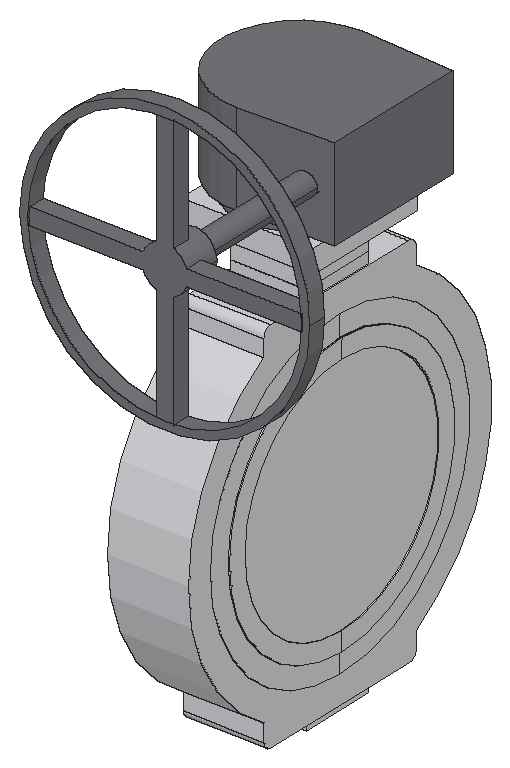
Revit family "HPA 1LCTG Butterfly Valve Gear", category Pipe Accessories, Revit 2018
Family settings
  Round Connector Dimension = Use Diameter
  Part Type = Normal
  Work Plane-Based = No
  Always vertical = Yes
  Cut with Voids When Loaded = No
  Shared = No
Parameters (values of type "Standard")
  pipe radius [instance] = Pipe Diameter / 2  # 3.3125"
  fillet01 [instance] = 0.222"  # constant formula
  Weight [instance] = size_lookup(LookupTable, "Weight", "NA", Nominal Diameter)  # "31.2 lbs."
  URL = "http://www.fnw.com"
  Standards Lookup Table = "Standards"  # constant formula
  Show Lever Clearance [instance] = no
  R3 [instance] = size_lookup(LookupTable, "R3", 0.000", Nominal Diameter)  # 3.8125"
  R2 [instance] = size_lookup(LookupTable, "R2", 0.000", Nominal Diameter)  # 5.130"
  R1 [instance] = size_lookup(LookupTable, "R1", 0.000", Nominal Diameter)  # 4.380"
  Product ID [instance] = size_lookup(LookupTable, "ProductID", "NA", Nominal Diameter)  # "7239438"
  Pipe Diameter [instance] = size_lookup(Standards Lookup Table, "pipe_dia", 0.000", Nominal Diameter)  # 6.625"
  Part Number [instance] = size_lookup(LookupTable, "PartNumber", "NA", Nominal Diameter)  # "FNWHPA1LCTGU"
  Nominal Diameter [instance] = 6"
  LookupTable [instance] = "HPA 1LCTG Butterfly Valve Gear"  # constant formula
  L4 [instance] = size_lookup(LookupTable, "L4", 0.000", Nominal Diameter)  # 0.5625"
  L3 [instance] = size_lookup(LookupTable, "L3", 0.000", Nominal Diameter)  # 0.060"
  L2 [instance] = size_lookup(LookupTable, "L2", 0.000", Nominal Diameter)  # 0.060"
  L1 [instance] = size_lookup(LookupTable, "L1", 0.000", Nominal Diameter)  # 2.070"
  H4 [instance] = size_lookup(LookupTable, "H4", 0.000", Nominal Diameter)  # 6.980"
  H3 [instance] = size_lookup(LookupTable, "H3", 0.000", Nominal Diameter)  # 6.350"
  H2 [instance] = size_lookup(LookupTable, "H2", 0.000", Nominal Diameter)  # 5.405"
  H1 [instance] = size_lookup(LookupTable, "H1", 0.000", Nominal Diameter)  # 5.310"
  Description BOM [instance] = size_lookup(LookupTable, "Description_BOM", "NA", Nominal Diameter)  # "6 CS SS ULTRA 150# LUG HP BFV GO"
  D2 [instance] = size_lookup(LookupTable, "D2", 0.000", Nominal Diameter)  # 2.130"
  D1 [instance] = size_lookup(LookupTable, "D1", 0.000", Nominal Diameter)  # 3.540"
  A1 [instance] = 33.00°  # constant formula
  1_Z4 [instance] = size_lookup(LookupTable, "1_Z4", 0.000", Nominal Diameter)  # 1.691"
  1_Z3 [instance] = size_lookup(LookupTable, "1_Z3", 0.000", Nominal Diameter)  # 2.50984"
  1_Z2 [instance] = size_lookup(LookupTable, "1_Z2", 0.000", Nominal Diameter)  # 0.441"
  1_Y5 [instance] = size_lookup(LookupTable, "1_Y5", 0.000", Nominal Diameter)  # 0.47244"
  1_Y4 [instance] = size_lookup(LookupTable, "1_Y4", 0.000", Nominal Diameter)  # 0.94488"
  1_Y3 [instance] = size_lookup(LookupTable, "1_Y3", 0.000", Nominal Diameter)  # 6.76504"
  1_Y1 [instance] = size_lookup(LookupTable, "1_Y1", 0.000", Nominal Diameter)  # 2.047"
  1_X7 [instance] = size_lookup(LookupTable, "1_X7", 0.000", Nominal Diameter)  # 3.935"
  1_X6 [instance] = size_lookup(LookupTable, "1_X6", 0.000", Nominal Diameter)  # 0.62992"
  1_X5 [instance] = size_lookup(LookupTable, "1_X5", 0.000", Nominal Diameter)  # 0.31496"
  1_X4 [instance] = size_lookup(LookupTable, "1_X4", 0.000", Nominal Diameter)  # 1.770"
  1_X3 [instance] = size_lookup(LookupTable, "1_X3", 0.000", Nominal Diameter)  # 2.5574"
Reference planes (in)
  plane 1 "Center (Front/Back)": y = 0
  plane 2: z = 0
  plane 3 "Center (Left/Right)": x = 0
  plane 4: y = 1.035
  plane 5: y = -1.035
  plane 6: x = -1.035
  plane 7: x = 1.035
  plane 8: x = -1.095
  plane 9: x = 1.095
  plane 10: z = -4.38
  plane 11: z = 4.38
  plane 12: z = -5.13
  plane 13: z = 5.13
  plane 14: z = -5.31
  plane 15: z = 5.405
  plane 16: z = 6.35
  plane 17 "Pad Top": z = 6.98
  plane 18: x = -1.77
  plane 19: x = 1.77
  plane 20: z = 3.3125
  plane 21: x = -1.155
  plane 22: x = 1.155
  plane 23: z = 3.8125
  plane 24: x = -0.28125
  plane 25: x = 0.28125
  plane 26: z = -3.8125
Forms (in)
  Extrusion 1, solid, material "Steel, Stainless hp"
    sketch origin (0, 0, 0) x (1, 0, 0) y (0, 1, 0)
      loop
        line (-1.77, 1.77) -> (-1.77, -1.77) -> (1.77, -1.77) -> (1.77, 1.77) -> (-1.77, 1.77)
    from 6.35 to 6.98
  Revolve 2, solid, material "Steel, Stainless hp"
    sketch origin (0, 0, 0) x (1, 0, 0) y (0, 0, 1)
      loop
        line (-1.095, 3.8125) -> (1.095, 3.8125) -> (1.095, 4.38) -> (-1.095, 4.38) -> (-1.095, 3.8125)
      axis (-1.095, 0) -> (1.095, 0)
    angle from 0 to 360
  Revolve 3, solid, material "Steel, Stainless hp"
    sketch origin (0, 0, 0) x (1, 0, 0) y (0, 0, 1)
      loop
        line (-1.155, 3.8125) -> (-1.155, 3.3125) -> (-0.28125, 3.3125) -> (-0.28125, 0) -> (0.28125, 0) -> (0.28125, 3.3125) -> (1.155, 3.3125) -> (1.155, 3.8125) -> (-1.155, 3.8125)
      axis (1.155, 0) -> (-1.155, 0)
    angle from 0 to 360
  Extrusion 4, solid, material "Steel, Stainless hp"
    sketch origin (0, 0, 0) x (1, 0, 0) y (0, 1, 0)
      loop
        line (-1.035, 1.035) -> (-1.035, -1.035) -> (1.035, -1.035) -> (1.035, 1.035) -> (-1.035, 1.035)
    from 3.8125 to 5.405
  Extrusion 5, solid, material "Steel, Stainless hp"
    sketch origin (0, 0, 0) x (1, 0, 0) y (0, 1, 0)
      loop
        line (-1.035, 1.035) -> (-1.035, -1.035) -> (1.035, -1.035) -> (1.035, 1.035) -> (-1.035, 1.035)
    from 5.405 to 6.35
  Extrusion 6, solid, material "Steel, Stainless hp"
    sketch origin (0, 0, 0) x (1, 0, 0) y (0, 1, 0)
      loop
        line (-1.035, 1.035) -> (-1.035, -1.035) -> (1.035, -1.035) -> (1.035, 1.035) -> (-1.035, 1.035)
    from -5.31 to -3.8125
  Extrusion 7, solid, material "Steel, Stainless hp"
    sketch origin (0, 0, 0) x (0, 1, 0) y (0, 0, 1)
      loop
        arc (2.565, -4.44271) -> (5.13, 0) -> (2.565, 4.44271) r 5.13
        line (2.565, 4.44271) -> (2.565, 4.908)
        arc (2.565, 4.908) -> (2.49998, 5.06498) -> (2.343, 5.13) r 0.222
        line (2.343, 5.13) -> (-2.343, 5.13)
        arc (-2.343, 5.13) -> (-2.49998, 5.06498) -> (-2.565, 4.908) r 0.222
        line (-2.565, 4.908) -> (-2.565, 4.44271)
        arc (-2.565, 4.44271) -> (-5.13, 0) -> (-2.565, -4.44271) r 5.13
        line (-2.565, -4.44271) -> (-2.565, -4.908)
        arc (-2.565, -4.908) -> (-2.49998, -5.06498) -> (-2.343, -5.13) r 0.222
        line (-2.343, -5.13) -> (2.343, -5.13)
        arc (2.343, -5.13) -> (2.49998, -5.06498) -> (2.565, -4.908) r 0.222
        line (2.565, -4.908) -> (2.565, -4.44271)
    from -1.095 to 1.095
Cuts and joins
  joined: Extrusion 4, Extrusion 6, Extrusion 7
Dimensions and locks (in)
  equal spacing: plane 5, plane 1 "Center (Front/Back)", plane 4
  "L1": plane 5 to plane 4
  equal spacing: plane 7, plane 3 "Center (Left/Right)", plane 6
  "L1": plane 7 to plane 6
  "L2": plane 6 to plane 8
  "L2": plane 7 to plane 9
  "R1": plane 2 to plane 10
  "R1": plane 11 to plane 2
  "R2": plane 13 to plane 2
  "R2": plane 2 to plane 12
  "H1": plane 2 to plane 14
  "H2": plane 15 to plane 2
  "H3": plane 16 to plane 2
  "H4": plane 17 "Pad Top" to plane 2
  equal spacing: plane 18, plane 3 "Center (Left/Right)", plane 19
  "D1": plane 18 to plane 19
  "pipe radius": plane 20 to plane 2
  "L3": plane 21 to plane 8
  "L3": plane 9 to plane 22
  "R3": plane 23 to plane 2
  equal spacing: plane 25, plane 3 "Center (Left/Right)", plane 24
  "L4": plane 25 to plane 24
  "R3": plane 2 to plane 26
  equal spacing: Extrusion 5 sketch curve, plane 3 "Center (Left/Right)", Extrusion 5 sketch curve
  equal spacing: Extrusion 5 sketch curve, plane 1 "Center (Front/Back)", Extrusion 5 sketch curve
  "L1": Extrusion 5 sketch curve to Extrusion 5 sketch curve  (x2)
  equal spacing: Extrusion 1 sketch curve, plane 3 "Center (Left/Right)", Extrusion 1 sketch curve
  equal spacing: Extrusion 1 sketch curve, plane 1 "Center (Front/Back)", Extrusion 1 sketch curve
  "D1": Extrusion 1 sketch curve to Extrusion 1 sketch curve  (x2)
  "R2": Extrusion 7 sketch curve to Extrusion 7 sketch curve  (x2)
  equal spacing: Extrusion 7 sketch curve, nested 1, Extrusion 7 sketch curve
  "R2": plane 2 to Extrusion 7 sketch curve  (x2)
  equal spacing: Extrusion 7 sketch curve, plane 1 "Center (Front/Back)", Extrusion 7 sketch curve
  radius of Revolve 2 = 4.380"  (x2)
  "R2": radius of Extrusion 7 sketch curve  (x2)
  "fillet01": radius of Extrusion 7 sketch curve  (x4)
  aligned and locked: plane 2 to level
  aligned and locked: Extrusion 1 to plane 16
  aligned and locked: plane 17 "Pad Top" to Extrusion 1
  aligned and locked: Revolve 2 sketch curve to plane 2
  aligned and locked: Revolve 2 sketch curve to plane 8
  aligned and locked: plane 9 to Revolve 2 sketch curve
  aligned and locked: Revolve 2 sketch curve to plane 23
  aligned and locked: plane 11 to Revolve 2 sketch curve
  aligned and locked: plane 2 to Revolve 3 sketch curve  (x2)
  aligned and locked: Revolve 3 sketch curve to plane 20  (x2)
  aligned and locked: Revolve 3 sketch curve to plane 23
  aligned and locked: plane 21 to Revolve 3 sketch curve
  aligned and locked: Revolve 3 sketch curve to plane 22
  aligned and locked: plane 6 to Extrusion 4 sketch curve
  aligned and locked: plane 4 to Extrusion 4 sketch curve
  aligned and locked: plane 7 to Extrusion 4 sketch curve
  aligned and locked: plane 5 to Extrusion 4 sketch curve
  aligned and locked: Extrusion 4 to plane 23
  aligned and locked: plane 15 to Extrusion 4
  aligned and locked: Extrusion 5 to plane 15
  aligned and locked: plane 16 to Extrusion 5
  aligned and locked: plane 14 to Extrusion 6
  aligned and locked: Extrusion 6 to plane 26
  aligned and locked: Revolve 3 sketch curve to plane 25
  aligned and locked: Revolve 3 sketch curve to plane 24
  aligned and locked: plane 4 to Extrusion 6 sketch curve
  aligned and locked: plane 5 to Extrusion 6 sketch curve
  aligned and locked: plane 6 to Extrusion 6 sketch curve
  aligned and locked: plane 7 to Extrusion 6 sketch curve
  aligned and locked: Extrusion 7 to plane 9
  aligned and locked: Extrusion 7 to plane 8
Automatic sketch dimensions
  plane 18 to Revolve 2 sketch curve = 1.38258"
  plane 19 to Revolve 2 sketch curve = 0.67957"
  plane 18 to Revolve 3 sketch curve = 0.55945"
  Revolve 3 sketch curve to plane 24 = 0.0725"
  Extrusion 7 sketch curve to Extrusion 7 sketch curve = 0.000"  (x2)
  Extrusion 7 sketch curve to level = 0.000"
  Extrusion 7 sketch curve to plane 1 "Center (Front/Back)" = 0.000"
Nested families (in)
  nested 1: "butterfly gear" at (0, 0, 6.98), 1_Y1 <- "D2", 1_X3 <- "1_X3", 1_X4 <- "1_X4", 1_X5 <- "1_X5", 1_Z3 <- "1_Z3", 1_Z2 <- "1_Z2", D1 <- "D1", 1_X6 <- "1_X6", 1_X7 <- "1_X7", 1_Y3 <- "1_Y3", 1_Y4 <- "1_Y4", 1_Y5 <- "1_Y5", 1_Z4 <- "1_Z4", type "butterfly gear"
    with Spoke half 0.22451", Spoke 0.44901", ORS 3.71625", Locked Angle 3.00°, IRS 0.84867", D1 3.540", 1_Z4 1.691", 1_Z3 Half 1.25492", 1_Z3 2.50984", 1_Z2 0.441", 1_Y5 0.47244", 1_Y4 0.94488", 1_Y3 6.76504", 1_Y2_Half 0.000", 1_Y2 0.000", 1_Y1_Half 1.065", 1_Y1 2.130", 1_X7 3.935", 1_X6 0.62992", 1_X5 0.31496", 1_X4 1.770", 1_X3 2.5574"
Connectors (in)
  piping at (-1.095, 0, 0), diameter 6, driven by "Nominal Diameter"
    settings: on Revolve 2, index 1, connector inside diameter 24", connector length 0.000", flow factor 0, pipe flow 0 GPM, pressure drop 0.00 psi, fitting loss kfactor 0, connector angle 0.00°, fixture units 0, engagement length 0.000", angle of deflection 0.00°, flow configuration 0, flow direction 0, fitting loss method 0, system type 7, joint type 0, gender type 0, connector reference index -1, connector utility 0, adjustable connector no, is connector primary yes, connector description ""
  piping at (1.095, 0, 0), diameter 6, driven by "Nominal Diameter"
    settings: on Revolve 2, index 2, connector inside diameter 24", connector length 0.000", flow factor 0, pipe flow 0 GPM, pressure drop 0.00 psi, fitting loss kfactor 0, connector angle 0.00°, fixture units 0, engagement length 0.000", angle of deflection 0.00°, flow configuration 0, flow direction 0, fitting loss method 0, system type 7, joint type 0, gender type 0, connector reference index -1, connector utility 0, adjustable connector no, is connector primary no, connector description ""
Definition of nested family "butterfly gear"
  Parameters (values of type "butterfly gear")
    Spoke half [instance] = 0.22451"
    Spoke [instance] = Spoke half * 2  # 0.44901"
    ORS [instance] = [1_X7] - 0.21875"  # 1.78125"
    Locked Angle [instance] = 3.00°  # constant formula
    IRS [instance] = [1_X6] + 0.21875"  # 0.90625"
    D1 [instance] = 1.500"
    1_Z4 [instance] = 3.750"
    1_Z3 Half [instance] = [1_Z3] / 2  # 0.375"
    1_Z3 [instance] = 0.750"
    1_Z2 [instance] = 0.250"
    Default Elevation = 48.000"
    1_Y5 [instance] = 0.375"
    1_Y4 [instance] = 1.125"
    1_Y3 [instance] = 3.250"
    1_Y2_Half [instance] = [1_Y2] / 2  # 6.61721"
    1_Y2 [instance] = 13.23443"
    1_Y1_Half [instance] = [1_Y1] / 2  # 0.59961"
    1_Y1 [instance] = 1.19922"
    1_X7 [instance] = 2.000"
    1_X6 [instance] = 0.6875"
    1_X5 [instance] = 0.250"
    1_X4 [instance] = 1.500"
    1_X3 [instance] = 2.15625"
  Reference planes (in)
    plane 1 "Center (Front/Back)": y = 0
    plane 2: z = 0
    plane 3 "Center (Left/Right)": x = 0
    plane 4 "Top": z = 0.25
    plane 5: x = 2.15625
    plane 6: y = 1.19922
    plane 7: y = -1.19922
    plane 8: z = 1
    plane 9: x = 1.5
    plane 10: y = -3.25
    plane 11 "gear center": z = 3.75
    plane 12: y = -2.875
  Forms (in)
    Extrusion 1, solid
      sketch origin (0, 0, 0) x (1, 0, 0) y (0, 1, 0)
        loop
          arc (0, 1.19922) -> (-1.19922, 0) -> (0, -1.19922) r 1.19922
          line (0, -1.19922) -> (2.15625, -1.08621) -> (2.15625, 1.08621) -> (0, 1.19922)
      from 0.25 to 1
    Extrusion 2, solid
      sketch origin (0, 0, 0) x (1, 0, 0) y (0, 1, 0)
        loop
          circle (0, 0) r 0.75
      from 0 to 0.25
    Revolve 3, solid
      sketch origin (0, 0, 3.75) x (-1, 0, 0) y (0, -1, 0)
        loop
          line (-1.5, 0) -> (-1.25, 0) -> (-1.25, 2.125) -> (-0.8125, 2.125) -> (-0.8125, 3.25) -> (-1.5, 3.25) -> (-1.5, 0)
        axis (-1.5, 0) -> (-1.5, 3.25)
      angle from 0 to 360
    Extrusion 4, solid
      sketch origin (0, 0, 0) x (1, 0, 0) y (0, 0, 1)
        loop
          line (1.27549, 5.53125) -> (1.27549, 3.97451) -> (-0.28125, 3.97451) -> (-0.28125, 3.52549) -> (1.27549, 3.52549) -> (1.27549, 1.96875) -> (1.72451, 1.96875) -> (1.72451, 3.52549) -> (3.28125, 3.52549) -> (3.28125, 3.97451) -> (1.72451, 3.97451) -> (1.72451, 5.53125) -> (1.27549, 5.53125)
      from 2.875 to 3.25
    Extrusion 5, solid
      sketch origin (0, 0, 0) x (1, 0, 0) y (0, 0, 1)
        loop
          circle (1.5, 3.75) r 1.78125
        loop
          circle (1.5, 3.75) r 2
      from 2.875 to 3.25
  Cuts and joins
    joined: Revolve 3, Extrusion 4
  Lines and regions (in)
    reference lines
      curve 1: line (1.27406, 0, 0) -> (-2.01203, 0, 0)
      curve 2: line (0, 0.75, 0) -> (0, -0.75, 0)
  Dimensions and locks (in)
    "1_Z2": plane 4 "Top" to level
    "1_X3": plane 3 "Center (Left/Right)" to plane 5
    "1_Y1": plane 7 to plane 1 "Center (Front/Back)"
    "1_Y1": plane 1 "Center (Front/Back)" to plane 6
    "1_Z3": plane 8 to plane 4 "Top"
    "1_X4": plane 3 "Center (Left/Right)" to plane 9
    "1_Y3": plane 10 to plane 1 "Center (Front/Back)"
    "1_X5": Revolve 3 sketch curve to plane 9
    "1_X6": Revolve 3 sketch curve to plane 9
    "1_Y4": Revolve 3 sketch curve to plane 10
    "1_Y5": plane 12 to plane 10
    "1_Z4": plane 11 "gear center" to plane 2
    equal spacing: Extrusion 4 sketch curve, plane 9, Extrusion 4 sketch curve
    equal spacing: Extrusion 4 sketch curve, plane 11 "gear center", Extrusion 4 sketch curve
    "Spoke": Extrusion 4 sketch curve to Extrusion 4 sketch curve  (x2)
    "ORS": Extrusion 4 sketch curve to plane 11 "gear center" to Extrusion 4 sketch curve
    "ORS": Extrusion 4 sketch curve to plane 9 to Extrusion 4 sketch curve
    "1_Y1": radius of Extrusion 1 sketch curve
    "D1": diameter of Extrusion 2 sketch curve
    "ORS": radius of Extrusion 5 sketch curve
    "1_X7": radius of Extrusion 5 sketch curve
    "Locked Angle": angle Extrusion 1 sketch curve to plane 6
    "Locked Angle": angle plane 7 to Extrusion 1 sketch curve
    aligned and locked: plane 2 to level
    aligned and locked: Extrusion 1 sketch curve to plane 5
    aligned and locked: Extrusion 1 to plane 4 "Top"
    aligned and locked: Extrusion 1 to plane 8
    aligned and locked: plane 4 "Top" to Extrusion 2
    aligned and locked: Extrusion 2 to level
    aligned and locked: Revolve 3 sketch curve to plane 9
    aligned and locked: Revolve 3 sketch curve to plane 1 "Center (Front/Back)"
    aligned and locked: Extrusion 4 to plane 10
    aligned and locked: plane 12 to Extrusion 4
    aligned and locked: cut or joined group of Revolve 3, Extrusion 4 to plane 10
    aligned and locked: plane 12 to cut or joined group of Revolve 3, Extrusion 4
    aligned and locked: Extrusion 5 to plane 10
    aligned and locked: plane 12 to Extrusion 5
    aligned and locked: Revolve 3 sketch curve to plane 10
  Automatic sketch dimensions
    plane 1 "Center (Front/Back)" to curve 1 = 0.000"
    curve 2 to plane 3 "Center (Left/Right)" = 0.000"
    curve 1 to plane 3 "Center (Left/Right)" = 2.01203"
    curve 1 to plane 9 = 0.22594"
    plane 7 to curve 2 = 0.44922"
    plane 6 to curve 2 = 0.44922"
    Extrusion 1 sketch curve to plane 3 "Center (Left/Right)" = 0.000"  (x2)
    Extrusion 1 sketch curve to plane 7 = 0.000"
    plane 1 "Center (Front/Back)" to Extrusion 2 sketch curve = 0.000"
    Extrusion 2 sketch curve to plane 3 "Center (Left/Right)" = 0.000"
    Revolve 3 sketch curve to plane 9 = 0.000"
    plane 7 to Revolve 3 sketch curve = 0.19922"
    Revolve 3 sketch curve to Revolve 3 sketch curve = 0.75779"
    Extrusion 4 sketch curve to plane 9 = 0.22451"
    plane 9 to Extrusion 4 sketch curve = 0.22451"
    Extrusion 4 sketch curve to plane 11 "gear center" = 0.22451"
    plane 11 "gear center" to Extrusion 4 sketch curve = 0.22451"
    Extrusion 5 sketch curve to Extrusion 5 sketch curve = 0.000"  (x2)
    Extrusion 5 sketch curve to plane 9 = 0.000"
    Extrusion 5 sketch curve to plane 11 "gear center" = 0.000"
